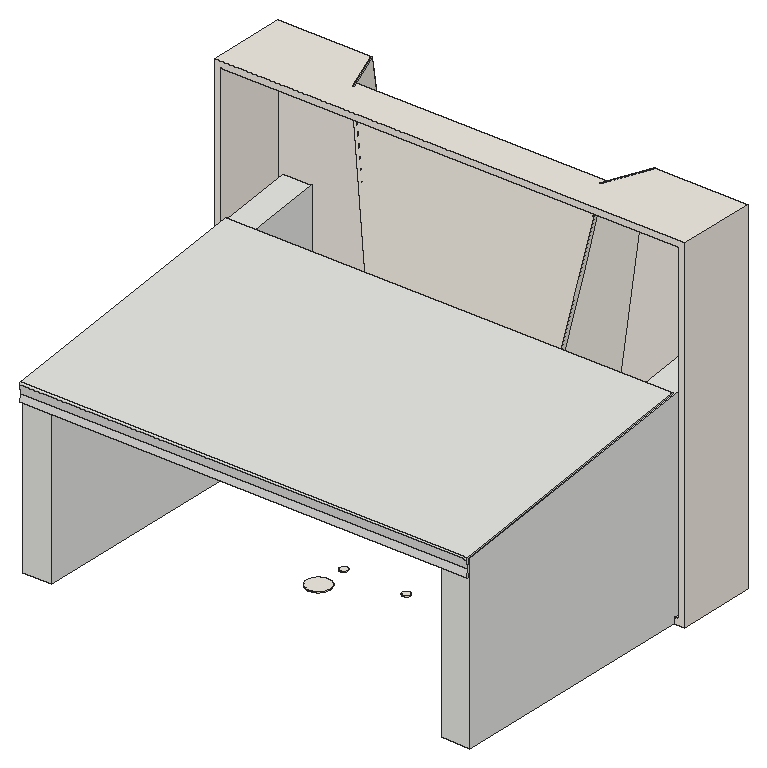
Revit family "Plumbing-Sink-Sloan-Valve-DSOF-81000", category Plumbing Fixtures, host Face, Revit 2019
Family settings
  Host = Face
  Round Connector Dimension = Use Diameter
  Part Type = Normal
  OmniClass Number = 23.45.05.14.14
  OmniClass Title = Sinks/Lavatories
  Cut with Voids When Loaded = No
  Shared = No
  Room Calculation Point = No
Parameters (values of type "DSOF-81000")
  Width = 30.00"  # constant formula
  Water Flow = 0.0 GPM
  Waste Connection = yes
  WFU = 2
  Vent Connection = no
  Valve Pressure Drop = 0.0 Pa
  URL = "www.sloanvalve.com"
  Sanitary Drain Connection Diameter = 1.50"
  Product data url = "https://bimobject.com/sloan_valve/product/sinks_designer-series_dsof-81000"
  Product Material = Sloan - Corian - Venaro White
  Product Guid = ""
  Part Number = ""
  Model = "DSOF-81000"
  Manufacturer = "Sloan Valve"  # constant formula
  Keynote = "10000"
  Hot Water Connection Diameter = 0.50"
  Height = 5.00"  # constant formula
  HWFU = 1.5
  HW Connection = yes
  z_Elevation [instance] = 21.00"  # constant formula
  Enclosure [instance] = yes
  Edition number = 1
  Description = "Designer Series™ 1-Station Wall-Mounted Open Front Sink."
  Depth = 22.00"  # constant formula
  Default Elevation = 0.00"  # constant formula
  Cold Water Connection Diameter = 0.50"
  CWFU = 1.5
  CW Connection = yes
  Assembly Code = "D2010400"
  ADA Compliant = 1 = 1  # yes
Reference planes (in)
  plane 1 "Center (Front/Back)": y = 0
  plane 2: z = 0
  plane 3 "Center (Left/Right)": x = 0
  plane 4: y = -13
  plane 5: y = -34
  plane 6: x = -15
  plane 7: x = 15
  plane 8: z = 22
  plane 9: z = 2.75
  plane 10: z = 3.125
  plane 11: x = -6
Forms (in)
  Extrusion 1, solid, not visible
    sketch origin (0, 1, 0) x (1, 0, 0) y (0, 1, 0)
      loop
        circle (-2, -14) r 0.75
      loop
        circle (2, -12) r 0.25
      loop
        circle (-2, -12) r 0.25
      loop
        line (8, -8) -> (8, -9) -> (10, -9) -> (10, -8) -> (8, -8)
    from 0 to 0.50971
Dimensions and locks (in)
  locked: plane 4 to plane 1 "Center (Front/Back)" at 13
  "z_Elevation": plane 4 to plane 5
  aligned and locked: plane 2 to host face
  aligned and locked: level to host face
  aligned and locked: plane 3 "Center (Left/Right)" to nested 1
  aligned and locked: plane 1 "Center (Front/Back)" to nested 1
Automatic sketch dimensions
  host sketch curve to host sketch curve = 131.57161"
  host sketch curve to host sketch curve = 96.00"
  Extrusion 1 sketch curve to plane 4 = 0.00"
  plane 4 to Extrusion 1 sketch curve = 2.00"  (x2)
  Extrusion 1 sketch curve to Extrusion 1 sketch curve = 4.00"
  Extrusion 1 sketch curve to plane 6 = 13.00"
  Extrusion 1 sketch curve to plane 3 "Center (Left/Right)" = 2.00"
  Extrusion 1 sketch curve to Extrusion 1 sketch curve = 2.00"
  plane 4 to Extrusion 1 sketch curve = 5.00"
  Extrusion 1 sketch curve to Extrusion 1 sketch curve = 1.00"
  Extrusion 1 sketch curve to Extrusion 1 sketch curve = 10.00"
  radius of Extrusion 1 sketch curve = 0.75"
  radius of Extrusion 1 sketch curve = 0.25"  (x2)
Nested families (in)
  nested 1: "Geometry" at (0, 0, 0), type "Geometry"
Connectors (in)
  piping at (-2, -13, 0), diameter 1.5, driven by "WFU", driven by "Sanitary Drain Connection Diameter"
    settings: on Extrusion 1, index 2, connector inside diameter 24.00", connector length 0.00", flow factor 0, pipe flow 0.0 GPM, pressure drop 0.0 Pa, fitting loss kfactor 0, connector angle 0.00°, fixture units 2, engagement length 0.00", angle of deflection 0.00°, flow configuration 3, flow direction 2, fitting loss method 0, system type 16, joint type 0, gender type 0, connector reference index -1, connector utility 0, adjustable connector no, is connector primary yes, connector description "Sanitary Drain Connection"
  piping at (2, -11, 0), diameter 0.5, driven by "Cold Water Connection Diameter"
    settings: on Extrusion 1, index 3, connector inside diameter 24.00", connector length 0.00", flow factor 0, pipe flow 0.0 GPM, pressure drop 0.0 Pa, fitting loss kfactor 0, connector angle 0.00°, fixture units 1.5, engagement length 0.00", angle of deflection 0.00°, flow configuration 3, flow direction 1, fitting loss method 0, system type 20, joint type 0, gender type 0, connector reference index -1, connector utility 0, adjustable connector no, is connector primary no, connector description "Cold Water Connection"
  piping at (-2, -11, 0), diameter 0.5, driven by "Hot Water Connection Diameter"
    settings: on Extrusion 1, index 4, connector inside diameter 24.00", connector length 0.00", flow factor 0, pipe flow 0.0 GPM, pressure drop 0.0 Pa, fitting loss kfactor 0, connector angle 0.00°, fixture units 1.5, engagement length 0.00", angle of deflection 0.00°, flow configuration 3, flow direction 1, fitting loss method 0, system type 19, joint type 0, gender type 0, connector reference index -1, connector utility 0, adjustable connector no, is connector primary no, connector description "Hot Water Connection"
Definition of nested family "Geometry"
  Parameters (values of type "Geometry")
    Width = 30.00"
    URL = ""
    Product Material = none
    Model = ""
    Manufacturer = ""
    Keynote = ""
    Enclosure Material = none
    Enclosure = yes
    Description = ""
    Default Elevation = 34.00"
    Assembly Code = ""
  Reference planes (in)
    plane 1 "Center (Front/Back)": y = 0
    plane 2: z = 0
    plane 3 "Center (Left/Right)": x = 0
    plane 4: x = 6.5
    plane 5: x = 6.5
    plane 6: y = -5
    plane 7: y = -2.5
    plane 8: x = 15
    plane 9: x = -15
    plane 10: z = 22
    plane 11: x = -9
    plane 12: z = 5
    plane 13: x = 9
    plane 14: z = 9
    plane 15: x = -8
    plane 16: x = 8
    plane 17: z = 7
    plane 18: y = -34
    plane 19: y = -11
    plane 20: y = -13
    plane 21: z = 2.75
    plane 22: z = 3.12891
    plane 23: y = -22
  Forms (in)
    Extrusion 1, solid
      sketch origin (0, 0, 0) x (1, 0, 0) y (0, 1, 0)
        loop
          line (-48, 48) -> (-48, -48) -> (48, -48) -> (48, 48) -> (-48, 48)
      from 0 to -12
    Sweep 2, solid, material <- "Product Material"
      path origin (0, 0, 0) x (1, 0, 0) y (0, 0, 1)
        loop
          line (15, 22) -> (-15, 22) -> (-15, 0) -> (15, 0) -> (15, 22)
      profile origin (15, 0, 11) x (-1, 0, 0) y (0, -1, 0)
        loop
          line (0.375, 5) -> (0, 5) -> (0, 0) -> (0.375, 0) -> (0.375, 5)
    Extrusion 3, void
      sketch origin (0, 0, 0) x (1, 0, 0) y (0, 1, 0)
        loop
          line (9, 0) -> (-9, 0) -> (-8, -2.5) -> (8, -2.5) -> (9, 0)
      from 21.625 to 22
    Extrusion 4, solid, material <- "Product Material"
      sketch origin (0, 0, 0) x (1, 0, 0) y (0, 1, 0)
        loop
          line (-4.79979, -4.375) -> (4.79979, -4.375) -> (6.3654, -0.5) -> (-6.3654, -0.5) -> (-4.79979, -4.375)
      from 4.625 to 5
    Extrusion 5, solid, material <- "Product Material"
      sketch origin (0, 0, 0) x (0, 1, 0) y (0, 0, 1)
        loop
          line (-4, 8.97618) -> (-2.5, 22) -> (-2.87748, 22) -> (-4.375, 8.9977) -> (-4.375, 4.625) -> (-4, 4.625) -> (-4, 8.97618)
      from -9 to 9
    Extrusion 6, void
      sketch origin (0, -0.5, 0) x (0, 1, 0) y (0, 0, 1)
        loop
          line (-2, 22) -> (-2.04319, 21.625) -> (-2, 21.625) -> (-2, 22)
      from -8.0452 to 8.02811
    Extrusion 7, void
      sketch origin (0, 0, 0) x (1, 0, 0) y (0, 0, 1)
        loop
          line (9, 4.625) -> (9, 21.625) -> (7.92702, 21.625) -> (4.86229, 4.625) -> (9, 4.625)
        loop
          line (-9, 4.625) -> (-4.86229, 4.625) -> (-7.92702, 21.625) -> (-9, 21.625) -> (-9, 4.625)
      from 2 to 5
    Blend 8, solid, material <- "Product Material"
      base sketch origin (0, 0, 0) x (-1, 0, 0) y (0, -1, 0)
        loop
          line (-9, 0) -> (-7.85328, 2.86679) -> (-7.9206, 2.86679) -> (-9.06988, 0) -> (-9, 0)
      top sketch origin (0, 0, 0) x (-1, 0, 0) y (0, -1, 0)
        loop
          line (-6.5, 0) -> (-4.73239, 4.375) -> (-4.79979, 4.375) -> (-6.56741, 0) -> (-6.5, 0)
      from 22 to 4.625
    Extrusion 9, solid, material <- "Product Material"
      sketch origin (0, 0, 0) x (1, 0, 0) y (0, 0, 1)
        loop
          line (6.68554, 5) -> (-6.5, 5) -> (-8.94485, 21.625) -> (-14.625, 21.625) -> (-14.625, 0.375) -> (14.625, 0.375) -> (14.625, 21.625) -> (8.94485, 21.625) -> (6.68554, 5)
      from 0 to 0.5
    Extrusion 10, solid, material <- "Product Material"
      sketch origin (0, 0, 0) x (1, 0, 0) y (0, 0, 1)
        loop
          line (9.01587, 21.625) -> (7.75758, 12.88856) -> (6.62142, 5) -> (6.56741, 4.625) -> (-6.56741, 4.625) -> (-9.01587, 21.625) -> (-14.625, 21.625) -> (-14.625, 0.375) -> (14.625, 0.375) -> (14.625, 21.625) -> (9.01587, 21.625)
      from 0 to 0.375
    Blend 11, solid, material <- "Product Material"
      base sketch origin (0, 0, 0) x (1, 0, 0) y (0, 1, 0)
        loop
          line (-9, 0) -> (-9.06988, 0) -> (-7.9206, -2.86679) -> (-7.85328, -2.86679) -> (-9, 0)
      top sketch origin (0, 0, 0) x (1, 0, 0) y (0, 1, 0)
        loop
          line (-6.5, 0) -> (-6.56741, 0) -> (-4.79979, -4.375) -> (-4.73239, -4.375) -> (-6.5, 0)
      from 22 to 4.625
    Extrusion 12, solid, material <- "Product Material"
      sketch origin (0, -3.44589, 0) x (1, 0, 0) y (0, 0, 1)
        loop
          line (1, 8) -> (-1, 8) -> (-1, 6) -> (1, 6) -> (1, 8)
      from 0 to 0.5
    Extrusion 13, solid, material <- "Product Material"
      sketch origin (0, 0, 0) x (1, 0, 0) y (0, 1, 0)
        loop
          circle (-2, -11) r 0.25
        loop
          circle (-2, -13) r 0.75
        loop
          circle (2, -11) r 0.25
        loop
          line (8, -8) -> (10, -8) -> (10, -7) -> (8, -7) -> (8, -8)
      from -0.02389 to 0
  Cuts and joins
    Extrusion 3, Extrusion 6 cuts Sweep 2
    Extrusion 6, Extrusion 7 cuts Extrusion 5
    joined: Sweep 2, Extrusion 5, Extrusion 9, Extrusion 10, Extrusion 12
    joined: Extrusion 4, Blend 8, Blend 11
  Lines and regions (in)
    Masking region 1
      outline origin (0, 0, 0) x (1, 0, 0) y (0, 0, 1)
        loop
          line (15, 22) -> (-15, 22) -> (-15, 0) -> (15, 0) -> (15, 22)
    symbolic lines, detail levels medium+fine
      curve 1: line (9.06988, 0, 22) -> (6.56741, 0, 4.625)
      curve 2: line (6.56741, 0, 4.625) -> (-6.56741, 0, 4.625)
      curve 3: line (-6.56741, 0, 4.625) -> (-9.06988, 0, 22)
      curve 4: line (7.9206, 0, 22) -> (4.79979, 0, 4.625)
      curve 5: line (-7.9206, 0, 22) -> (-4.79979, 0, 4.625)
      curve 6: line (-5.58133, 0, 8.97618) -> (5.58133, 0, 8.97618)
    symbolic lines, detail levels fine
      curve 7: line (-1, 0, 8) -> (1, 0, 8)
      curve 8: line (1, 0, 8) -> (1, 0, 6)
      curve 9: line (1, 0, 6) -> (-1, 0, 6)
      curve 10: line (-1, 0, 6) -> (-1, 0, 8)
      curve 11: circle (0, 0, 2.75) r 0.625 normal (0, -1, 0)
      curve 12: circle (-6, 0, 3.12891) r 0.5 normal (0, -1, 0)
  Dimensions and locks (in)
    plane 11 to plane 13 = 18.00"
    plane 6 to plane 1 "Center (Front/Back)" = 5.00"
    plane 7 to plane 1 "Center (Front/Back)" = 2.50"
    "Width": plane 8 to plane 9
    plane 13 to plane 11 = 18.00"
    plane 10 to plane 12 = 17.00"
    plane 12 to Extrusion 1 = 5.00"
    plane 14 to plane 12 = 4.00"
    plane 15 to plane 16 = 16.00"
    equal spacing: plane 8, plane 3 "Center (Left/Right)", plane 9
    plane 9 to nested 1 = 0.69"
    plane 18 to nested 1 = 12.46875"
    aligned and locked: plane 2 to Extrusion 1
    aligned and locked: level to Extrusion 1
  Automatic sketch dimensions
    curve 3 to plane 10 = 0.00"
    curve 5 to plane 10 = 0.00"
    curve 4 to plane 10 = 0.00"
    curve 1 to plane 10 = 0.00"
    curve 11 to plane 21 = 0.00"
    curve 12 to plane 22 = 0.00"
    curve 10 to plane 3 "Center (Left/Right)" = 1.00"
    plane 12 to curve 2 = 0.375"
    plane 15 to curve 2 = 1.43259"
    plane 3 "Center (Left/Right)" to curve 7 = 1.00"
    curve 2 to plane 4 = 0.06741"
    curve 10 to plane 12 = 1.00"
    plane 14 to curve 7 = 1.00"
    curve 2 to curve 5 = 1.76761"
    plane 14 to curve 6 = 0.02382"
    curve 6 to curve 5 = 0.78154"
    curve 3 to plane 11 = 0.06988"
    plane 4 to curve 4 = 1.70021"
    curve 4 to curve 6 = 0.78154"
    curve 1 to plane 13 = 0.06988"
    Extrusion 1 sketch curve to Extrusion 1 sketch curve = 96.00"  (x2)
    Sweep 2 sketch curve to plane 9 = 0.00"
    Sweep 2 sketch curve to level = 0.00"
    plane 8 to Sweep 2 sketch curve = 0.00"
    Sweep 2 sketch curve to plane 10 = 0.00"
    Sweep 2 sketch curve to profile plane = 0.00"
    plane 1 "Center (Front/Back)" to Sweep 2 sketch curve = 0.00"
    Sweep 2 sketch curve to profile plane = 0.375"
    Sweep 2 sketch curve to Sweep 2 sketch curve = 5.00"
    plane 1 "Center (Front/Back)" to Extrusion 3 sketch curve = 0.00"
    Extrusion 3 sketch curve to plane 11 = 0.00"
    plane 7 to Extrusion 3 sketch curve = 0.00"
    Extrusion 3 sketch curve to plane 15 = 0.00"
    Extrusion 3 sketch curve to plane 16 = 0.00"
    Extrusion 3 sketch curve to plane 13 = 0.00"
    plane 1 "Center (Front/Back)" to Extrusion 4 sketch curve = 0.50"
    plane 15 to Extrusion 4 sketch curve = 1.6346"
    Extrusion 4 sketch curve to plane 6 = 0.625"
    plane 15 to Extrusion 4 sketch curve = 3.20021"
    plane 4 to Extrusion 4 sketch curve = 1.70021"
    plane 4 to Extrusion 4 sketch curve = 0.1346"
    plane 10 to Extrusion 5 sketch curve = 0.00"
    Extrusion 5 sketch curve to plane 7 = 0.00"
    Extrusion 5 sketch curve to Extrusion 5 sketch curve = 0.37748"
    plane 14 to Extrusion 5 sketch curve = 0.02382"
    Extrusion 5 sketch curve to plane 6 = 1.00"
    Extrusion 5 sketch curve to Extrusion 5 sketch curve = 0.375"
    plane 12 to Extrusion 5 sketch curve = 0.375"
    plane 14 to Extrusion 5 sketch curve = 0.0023"
    Extrusion 6 sketch curve to plane 7 = 0.00"
    plane 10 to Extrusion 6 sketch curve = 0.00"
    plane 7 to Extrusion 6 sketch curve = 0.04319"
    Extrusion 6 sketch curve to Extrusion 6 sketch curve = 0.375"
    Extrusion 7 sketch curve to plane 11 = 0.00"
    plane 13 to Extrusion 7 sketch curve = 0.00"
    plane 15 to Extrusion 7 sketch curve = 0.07298"
    plane 12 to Extrusion 7 sketch curve = 0.375"  (x2)
    plane 15 to Extrusion 7 sketch curve = 3.13771"
    plane 4 to Extrusion 7 sketch curve = 1.63771"
    plane 16 to Extrusion 7 sketch curve = 0.07298"
    plane 10 to Extrusion 7 sketch curve = 0.375"  (x2)
    plane 1 "Center (Front/Back)" to Blend 8 sketch curve = 0.00"  (x2)
    Blend 8 sketch curve to plane 13 = 0.00"
    Blend 8 sketch curve to Blend 8 sketch curve = 0.06988"
    Blend 8 sketch curve to plane 16 = 0.0794"
    Blend 8 sketch curve to Blend 8 sketch curve = 0.06731"
    Blend 8 sketch curve to plane 7 = 0.36679"
    Blend 8 sketch curve to plane 4 = 0.00"
    plane 4 to Blend 8 sketch curve = 0.06741"
    plane 6 to Blend 8 sketch curve = 0.625"
    Blend 8 sketch curve to plane 4 = 1.70021"
    Blend 8 sketch curve to Blend 8 sketch curve = 0.06741"
    Extrusion 9 sketch curve to plane 12 = 0.00"
    plane 9 to Extrusion 9 sketch curve = 0.375"
    plane 11 to Extrusion 9 sketch curve = 0.05515"
    plane 15 to Extrusion 9 sketch curve = 1.50"
    Extrusion 9 sketch curve to plane 4 = 0.18554"
    plane 13 to Extrusion 9 sketch curve = 0.05515"
    plane 8 to Extrusion 9 sketch curve = 0.375"
    level to Extrusion 9 sketch curve = 0.375"
    plane 10 to Extrusion 9 sketch curve = 0.375"  (x2)
    Extrusion 10 sketch curve to plane 12 = 0.00"
    plane 9 to Extrusion 10 sketch curve = 0.375"
    Extrusion 10 sketch curve to plane 11 = 0.01587"
    plane 12 to Extrusion 10 sketch curve = 0.375"
    plane 15 to Extrusion 10 sketch curve = 1.43259"
    Extrusion 10 sketch curve to plane 4 = 0.06741"
    Extrusion 10 sketch curve to plane 4 = 0.12142"
    plane 16 to Extrusion 10 sketch curve = 0.24242"
    Extrusion 10 sketch curve to plane 13 = 0.01587"
    plane 8 to Extrusion 10 sketch curve = 0.375"
    level to Extrusion 10 sketch curve = 0.375"
    Extrusion 10 sketch curve to plane 14 = 3.88856"
    plane 10 to Extrusion 10 sketch curve = 0.375"  (x2)
    plane 1 "Center (Front/Back)" to Blend 11 sketch curve = 0.00"  (x2)
    Blend 11 sketch curve to plane 11 = 0.00"
    Blend 11 sketch curve to Blend 11 sketch curve = 0.06988"
    plane 15 to Blend 11 sketch curve = 0.0794"
    Blend 11 sketch curve to Blend 11 sketch curve = 0.06731"
    plane 7 to Blend 11 sketch curve = 0.36679"
    plane 15 to Blend 11 sketch curve = 1.43259"
    Blend 11 sketch curve to Blend 11 sketch curve = 0.06741"  (x2)
    Blend 11 sketch curve to plane 6 = 0.625"
    plane 15 to Blend 11 sketch curve = 3.20021"
    Extrusion 12 sketch curve to plane 3 "Center (Left/Right)" = 1.00"
    plane 3 "Center (Left/Right)" to Extrusion 12 sketch curve = 1.00"
    Extrusion 12 sketch curve to plane 12 = 1.00"
    plane 14 to Extrusion 12 sketch curve = 1.00"
    Masking region 1 sketch curve to plane 9 = 0.00"
    Masking region 1 sketch curve to level = 0.00"
    plane 8 to Masking region 1 sketch curve = 0.00"
    Masking region 1 sketch curve to plane 10 = 0.00"
    plane 20 to Extrusion 13 sketch curve = 0.00"
    plane 19 to Extrusion 13 sketch curve = 0.00"  (x2)
    Extrusion 13 sketch curve to plane 3 "Center (Left/Right)" = 2.00"
    Extrusion 13 sketch curve to Extrusion 13 sketch curve = 0.00"
    plane 3 "Center (Left/Right)" to Extrusion 13 sketch curve = 2.00"
    plane 13 to Extrusion 13 sketch curve = 1.00"
    plane 6 to Extrusion 13 sketch curve = 2.00"
    plane 8 to Extrusion 13 sketch curve = 5.00"
    Extrusion 13 sketch curve to Extrusion 13 sketch curve = 1.00"
    curve 12 to curve 5 = 1.20021"
    plane 3 "Center (Left/Right)" to curve 11 = 0.00"
    radius of curve 11 = 0.625"
    radius of curve 12 = 0.50"
    radius of Extrusion 13 sketch curve = 0.25"  (x2)
    radius of Extrusion 13 sketch curve = 0.75"
  Nested families (in)
    nested 1: "DSOF Enclosure" at (29.99859, 0.59176, 0), visible <- "Enclosure", type "Geometry"
  Definition of nested family "DSOF Enclosure"
    Parameters (values of type "Geometry")
      Width = 90.00" - 2 * 0.69141"  # 88.61719"
      URL = ""
      Type Comments = ""
      Product Material = none
      Model = ""
      Manufacturer = ""
      Installation Type = ""
      Enclosure Material = none
      Enclosure = yes
      Description = ""
      Default Elevation = 34.00"
      Assembly Code = ""
    Reference planes (in)
      plane 1 "Center (Front/Back)": y = 0
      plane 2: z = 0
      plane 3 "Center (Left/Right)": x = 0
      plane 4: y = -5
      plane 5: z = 22
      plane 6: y = -34
      plane 7: y = -13
      plane 8: y = -11
      plane 9: y = -22
      plane 10: x = -44.30859
      plane 11: x = -45
      plane 12: x = -15
      plane 13: x = -15.69141
    Forms (in)
      Extrusion 1, solid
        sketch origin (0, 0, 0) x (1, 0, 0) y (0, 1, 0)
          loop
            line (-67.14883, 48) -> (-67.14883, -48) -> (67.56872, -48) -> (67.56872, 48) -> (-67.14883, 48)
        from 0 to -12
      Extrusion 2, solid, material <- "Enclosure Material", visible <- "Enclosure"
        sketch origin (15.00391, 25.02578, 59.38794) x (0, 1, 0) y (0, 0, 1)
          loop
            line (-30.62246, -47.25332) -> (-30.74068, -46.38635) -> (-32.10307, -46.57213) -> (-31.98485, -47.43911) -> (-30.62246, -47.25332)
          loop
            line (-32.03833, -47.50948) -> (-30.55208, -47.30681) -> (-30.6872, -46.31598) -> (-32.17344, -46.51865) -> (-32.03833, -47.50948)
          loop
            line (-45.48491, -49.28) -> (-45.60313, -48.41303) -> (-46.96553, -48.59881) -> (-46.8473, -49.46578) -> (-45.48491, -49.28)
          loop
            line (-45.41454, -49.33349) -> (-45.54965, -48.34265) -> (-47.0359, -48.54532) -> (-46.90078, -49.53615) -> (-45.41454, -49.33349)
        from -59 to -30.94531
      Extrusion 3, solid, material <- "Enclosure Material", visible <- "Enclosure"
        sketch origin (15.25391, 25.02656, 59.38608) x (0, 1, 0) y (0, 0, 1)
          loop
            arc (-30.72266, -46.22421) -> (-30.69997, -46.19435) -> (-30.72983, -46.17166) r 0.02652
            line (-30.72983, -46.17166) -> (-47.06827, -48.39963)
            arc (-47.06827, -48.39963) -> (-47.12442, -48.44125) -> (-47.14314, -48.50859) r 0.10755
            line (-47.14314, -48.50859) -> (-47.0696, -49.04788) -> (-47.14957, -49.517) -> (-47.10028, -49.5254) -> (-47.01903, -49.04872) -> (-47.0933, -48.504)
            arc (-47.0933, -48.504) -> (-47.08629, -48.47456) -> (-47.0653, -48.45275) r 0.05755
            line (-47.0653, -48.45275) -> (-30.72266, -46.22421)
        from -59.5 to -30.94531
      Extrusion 4, solid, material <- "Enclosure Material", visible <- "Enclosure"
        sketch origin (0, 0, 0) x (0, 1, 0) y (0, 0, 1)
          loop
            line (-21.875, 10.86102) -> (-21.875, 0) -> (-1.09528, 0) -> (-1.09528, 13.69462) -> (-21.875, 10.86102)
        from -17.50391 to -15.69141
      Extrusion 5, solid, material <- "Enclosure Material", visible <- "Enclosure"
        sketch origin (-59.9375, 0, 0) x (0, 1, 0) y (0, 0, -1)
          loop
            line (-21.875, -10.86102) -> (-1.09528, -13.69462) -> (-1.09528, 0) -> (-21.875, 0) -> (-21.875, -10.86102)
        from -17.50391 to -15.69141
    Cuts and joins
      joined: Extrusion 2, Extrusion 3
    Dimensions and locks (in)
      locked: Extrusion 1 to plane 5 at 22
      locked: plane 4 to plane 1 "Center (Front/Back)" at 5
      plane 6 to plane 8 = 23.00"
      plane 6 to plane 7 = 21.00"
      "Default Elevation": plane 6 to plane 1 "Center (Front/Back)"
      plane 1 "Center (Front/Back)" to plane 6 = 34.00"
      plane 10 to plane 3 "Center (Left/Right)" = 44.30859"
      aligned and locked: Extrusion 1 to plane 2
      aligned and locked: Extrusion 1 to level
    Automatic sketch dimensions
      Extrusion 1 sketch curve to Extrusion 1 sketch curve = 134.71755"
      Extrusion 1 sketch curve to Extrusion 1 sketch curve = 96.00"
      plane 9 to Extrusion 2 sketch curve = 0.01011"
      Extrusion 2 sketch curve to plane 9 = 0.06026"
      Extrusion 2 sketch curve to plane 9 = 0.125"
      Extrusion 2 sketch curve to Extrusion 2 sketch curve = 0.05348"  (x6)
      Extrusion 2 sketch curve to Extrusion 2 sketch curve = 1.36239"
      plane 4 to Extrusion 2 sketch curve = 2.14766"
      Extrusion 2 sketch curve to Extrusion 2 sketch curve = 0.07037"  (x3)
      Extrusion 2 sketch curve to Extrusion 2 sketch curve = 0.06474"
      plane 4 to Extrusion 2 sketch curve = 0.7149"
      level to Extrusion 2 sketch curve = 9.85179"
      Extrusion 2 sketch curve to Extrusion 2 sketch curve = 0.1323"  (x2)
      level to Extrusion 2 sketch curve = 11.87847"
      Extrusion 3 sketch curve to Extrusion 3 sketch curve = 0.00"  (x2)
      Extrusion 3 sketch curve to plane 9 = 0.12301"
      Extrusion 3 sketch curve to plane 9 = 0.11658"
      Extrusion 3 sketch curve to Extrusion 3 sketch curve = 0.04929"
      Extrusion 3 sketch curve to Extrusion 3 sketch curve = 0.04984"
      Extrusion 3 sketch curve to plane 9 = 0.04304"
      Extrusion 3 sketch curve to plane 9 = 0.04171"
      Extrusion 3 sketch curve to plane 9 = 0.03874"
      Extrusion 3 sketch curve to plane 9 = 0.00923"
      plane 9 to Extrusion 3 sketch curve = 0.00753"
      Extrusion 3 sketch curve to plane 4 = 0.70327"
      Extrusion 3 sketch curve to Extrusion 3 sketch curve = 0.00358"  (x2)
      Extrusion 3 sketch curve to plane 5 = 8.78558"
      Extrusion 3 sketch curve to Extrusion 3 sketch curve = 0.02628"
      Extrusion 3 sketch curve to level = 10.98645"
      Extrusion 3 sketch curve to Extrusion 3 sketch curve = 0.05312"
      Extrusion 3 sketch curve to Extrusion 3 sketch curve = 0.0494"
      Extrusion 3 sketch curve to Extrusion 3 sketch curve = 0.53929"
      Extrusion 3 sketch curve to Extrusion 3 sketch curve = 0.00084"
      Extrusion 4 sketch curve to level = 0.00"
      Extrusion 4 sketch curve to plane 9 = 0.125"
      plane 1 "Center (Front/Back)" to Extrusion 4 sketch curve = 1.09528"
      Extrusion 4 sketch curve to Extrusion 4 sketch curve = 10.86102"
      plane 5 to Extrusion 4 sketch curve = 8.30538"
      Extrusion 5 sketch curve to level = 0.00"
      Extrusion 5 sketch curve to plane 9 = 0.125"
      plane 1 "Center (Front/Back)" to Extrusion 5 sketch curve = 1.09528"
      Extrusion 5 sketch curve to Extrusion 5 sketch curve = 10.86102"
      plane 5 to Extrusion 5 sketch curve = 8.30538"
